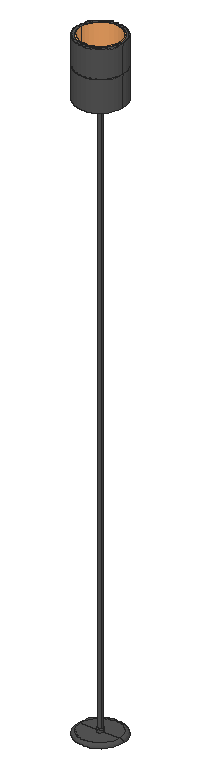
Revit family "MELO CYLINDER PENDANT LIGHT", category Lighting Fixtures, host Face, Revit 2020 (continued)
Types (16): name | Wattage_Input | Wattage Comments | Wattage | Voltage_Input | Size 08 | Size 06 | Size 04 | Selectable Wattage | Photometric Web File | Pendent Rod Length_1 | Pendent | Order number | built-in parameter 1150142 | Model | built-in parameter 1150105 | Lumens | built-in parameter 1150106 | Fixture Diameter | Canopy for Surface Mount J-box | Canopy for Recessed J-Box | Canopy Height | C2 H | C1 H | BEAMING ANGLE
    6.89 14727.57 \r\n 13309.36 11898.83 10513.77 9228.61  8048.70  6973.59  6014.36  5154.78  4404.65  3758.90  \r\n 3210.42  2751.18  2365.10  2029.02  1743.20  1494.48  1297.49  1100.89  948.11   816.32   \r\n 712.18   623.00   550.74   489.26   435.94   391.21   348.65   310.97   271.89   239.18   \r\n 212.70   187.86   162.83   140.87   118.95   100.40   84.78    71.57    59.40    50.53    \r\n 42.27    36.67    33.91    31.67    30.43    29.18    27.97    26.91    25.82    24.85    \r\n 24.02    23.03    22.00    20.96    19.91    18.85    17.81    16.79    15.81    14.83    \r\n 13.84    12.91    11.98    11.10    10.22    9.39     8.55     7.77     7.00     6.27     \r\n 5.57     4.88     4.23     3.58     2.97     2.37     1.71     1.12     0.50     0.16     \r\n 0.15     0.15     0.14     0.14     0.13     0.13     0.13     0.13     0.14     0.14     \r\n 0.15     0.15     0.15     0.15     0.15     0.15     0.15     0.15     0.15     0.15     \r\n 0.15     0.16     0.16     0.16     0.16     0.16     0.17     0.19     0.21     0.22     \r\n 0.22     0.23     0.24     0.26     0.29     0.31     0.35     0.36     0.39     0.46     \r\n 0.46     0.51     0.55     0.60     0.66     0.74     0.81     0.90     1.00     1.12     \r\n 1.25     1.41     1.59     1.79     2.03     2.31     2.64     3.00     3.43     3.91     \r\n 4.44     5.05     5.70     6.42     7.21     8.06     8.96     9.87     10.83    11.79    \r\n 12.81    13.79    14.79    15.73    16.62    17.46    18.22    18.92    19.54    20.07    \r\n 20.53    20.89    21.15    21.38    21.58    21.75    21.90    22.02    22.09    22.15    \r\n 22.51    \r\n22621.88 22557.76 22287.37 21766.60 21013.26 20089.21 18979.77 17793.54 16466.33 15130.86 \r\n 13695.49 12268.33 10840.82 9508.96  8279.01  7163.69  6178.47  5287.40  4501.46  3825.48  \r\n 3257.18  2775.91  2372.51  2028.13  1737.40  1492.75  1298.13  1104.02  951.30   823.99   \r\n 717.74   630.48   556.11   494.37   441.53   395.32   353.04   315.40   275.41   242.77   \r\n 216.27   191.32   166.19   144.10   122.04   103.30   87.49    73.89    61.25    52.01    \r\n 43.57    37.53    34.68    32.37    31.11    29.82    28.60    27.47    26.40    25.36    \r\n 24.51    23.50    22.45    21.39    20.35    19.29    18.25    17.20    16.17    15.17    \r\n 14.20    13.22    12.27    11.34    10.44    9.58     8.74     7.93     7.14     6.39     \r\n 5.66     4.95     4.29     3.64     3.01     2.37     1.73     1.11     0.57     0.17     \r\n 0.14     0.14     0.14     0.14     0.14     0.14     0.14     0.14     0.14     0.14     \r\n 0.14     0.14     0.14     0.14     0.14     0.15     0.15     0.15     0.15     0.15     \r\n 0.15     0.15     0.16     0.19     0.21     0.23     0.24     0.24     0.25     0.26     \r\n 0.27     0.27     0.28     0.29     0.29     0.35     0.37     0.37     0.42     0.44     \r\n 0.51     0.52     0.58     0.64     0.69     0.75     0.83     0.92     1.03     1.13     \r\n 1.26     1.42     1.59     1.79     2.01     2.30     2.61     2.97     3.37     3.83     \r\n 4.35     4.90     5.54     6.21     6.98     7.75     8.61     9.48     10.40    11.32    \r\n 12.25    13.22    14.16    15.08    15.96    16.80    17.59    18.32    18.98    19.58    \r\n 20.11    20.57    20.97    21.30    21.59    21.87    22.10    22.32    22.50    22.65    \r\n 22.51    \r\n22557.64 22512.71 22311.66 21835.25 21102.67 20206.51 19149.10 17976.87 16685.69 15336.87 \r\n 13927.58 12486.72 11038.80 9702.09  8450.64  7326.30  6330.49  5415.33  4632.61  3948.17  \r\n 3415.81  2884.38  2469.81  2114.96  1809.74  1550.96  1328.50  1137.57  978.83   846.12   \r\n 734.76   643.76   566.35   502.46   447.46   399.65   356.32   316.79   279.63   242.57   \r\n 215.18   190.63   165.06   142.75   122.34   103.94   87.93    74.54    62.33    52.38    \r\n 44.21    37.65    34.72    32.41    31.12    29.80    28.53    27.37    26.29    25.35    \r\n 24.46    23.43    22.37    21.33    20.28    19.24    18.20    17.18    16.18    15.19    \r\n 14.24    13.30    12.38    11.45    10.60    9.71     8.87     8.07     7.26     6.50     \r\n 5.76     5.05     4.37     3.73     3.09     2.45     1.80     1.16     0.60     0.51     \r\n 0.41     0.31     0.21     0.11     0.11     0.12     0.12     0.12     0.13     0.13     \r\n 0.14     0.14     0.14     0.14     0.15     0.15     0.15     0.16     0.17     0.17     \r\n 0.17     0.17     0.18     0.19     0.19     0.20     0.21     0.21     0.22     0.23     \r\n 0.25     0.27     0.28     0.30     0.32     0.34     0.37     0.39     0.42     0.46     \r\n 0.50     0.54     0.58     0.64     0.69     0.76     0.84     0.93     1.01     1.13     \r\n 1.26     1.41     1.58     1.78     2.00     2.27     2.57     2.92     3.31     3.75     \r\n 4.26     4.80     5.44     6.10     6.83     7.61     8.44     9.32     10.25    11.17    \r\n 12.11    13.04    13.99    14.91    15.80    16.61    17.40    18.14    18.81    19.43    \r\n 19.99    20.47    20.88    21.26    21.62    21.93    22.15    22.33    22.53    22.70    \r\n 22.51    \r\n22515.03 22451.58 22247.33 21745.55 20977.86 20089.70 19016.76 17855.80 16534.98 15214.58 \r\n 13785.95 12356.06 10913.97 9583.84  8356.72  7227.35  6241.99  5356.06  4580.02  3912.13  \r\n 3341.11  2862.15  2458.31  2110.18  1809.08  1550.25  1343.57  1137.44  975.67   841.53   \r\n 729.85   638.81   561.45   497.49   442.69   395.28   352.12   313.25   274.11   240.92   \r\n 214.01   188.91   163.98   142.01   120.09   101.71   86.05    72.60    60.21    51.04    \r\n 42.61    36.69    34.05    32.00    30.81    29.54    28.31    27.19    26.08    25.11    \r\n 24.26    23.25    22.21    21.15    20.11    19.06    18.04    17.02    16.01    15.05    \r\n 14.09    13.14    12.21    11.31    10.43    9.60     8.80     7.98     7.22     6.49     \r\n 5.76     5.06     4.40     3.74     3.11     2.49     1.87     1.27     0.68     0.19     \r\n 0.14     0.14     0.14     0.14     0.14     0.14     0.14     0.14     0.14     0.14     \r\n 0.14     0.14     0.15     0.15     0.15     0.15     0.15     0.15     0.15     0.15     \r\n 0.15     0.15     0.15     0.15     0.16     0.18     0.20     0.21     0.22     0.22     \r\n 0.23     0.24     0.26     0.28     0.29     0.31     0.37     0.37     0.40     0.44     \r\n 0.47     0.51     0.57     0.61     0.69     0.74     0.82     0.90     1.02     1.12     \r\n 1.26     1.42     1.59     1.79     2.01     2.30     2.61     2.97     3.37     3.83     \r\n 4.34     4.90     5.53     6.21     6.93     7.72     8.55     9.41     10.32    11.24    \r\n 12.17    13.13    14.09    15.01    15.88    16.70    17.46    18.15    18.79    19.36    \r\n 19.89    20.35    20.77    21.13    21.48    21.80    22.08    22.31    22.50    22.68    \r\n 22.51    \r\n22472.71 22417.62 22237.38 21776.52 21049.34 20177.89 19151.12 17992.29 16726.04 15385.73 \r\n 13981.65 12545.11 11107.49 9766.57  8517.41  7385.59  6394.04  5482.19  4702.26  4014.73  \r\n 3446.26  2997.50  2549.51  2194.25  1882.68  1614.96  1380.77  1179.86  1011.55  870.61   \r\n 752.96   657.69   577.30   511.10   454.82   406.03   361.52   321.26   283.36   245.55   \r\n 217.83   193.13   167.97   145.15   123.82   104.64   88.02    74.13    61.40    51.43    \r\n 43.24    36.81    34.09    32.05    30.77    29.52    28.31    27.16    26.15    25.19    \r\n 24.25    23.22    22.18    21.13    20.08    19.04    18.02    17.00    16.00    15.05    \r\n 14.09    13.17    12.25    11.35    10.51    9.65     8.84     8.05     7.28     6.54     \r\n 5.83     5.12     4.43     3.79     3.15     2.52     1.93     1.33     0.74     0.20     \r\n 0.18     0.17     0.15     0.14     0.13     0.11     0.11     0.12     0.12     0.13     \r\n 0.13     0.14     0.14     0.14     0.14     0.15     0.15     0.15     0.16     0.17     \r\n 0.17     0.17     0.18     0.18     0.19     0.19     0.21     0.21     0.23     0.23     \r\n 0.25     0.27     0.28     0.30     0.32     0.34     0.36     0.40     0.43     0.45     \r\n 0.50     0.54     0.58     0.64     0.70     0.77     0.84     0.93     1.03     1.15     \r\n 1.30     1.44     1.60     1.79     2.02     2.29     2.58     2.94     3.32     3.76     \r\n 4.26     4.80     5.42     6.07     6.78     7.56     8.39     9.24     10.14    11.07    \r\n 12.01    12.94    13.87    14.79    15.69    16.57    17.40    18.17    18.84    19.44    \r\n 19.98    20.46    20.86    21.25    21.61    21.91    22.17    22.42    22.64    22.82    \r\n 22.51    \r\n22445.58 22359.41 22130.52 21628.95 20905.36 20035.44 18972.56 17815.46 16519.52 15198.48 \r\n 13774.52 12345.62 10924.17 9592.86  8372.29  7238.76  6255.70  5380.11  4600.45  3934.85  \r\n 3375.10  2900.49  2498.58  2148.59  1844.66  1582.98  1370.06  1157.65  992.14   853.37   \r\n 740.42   647.08   568.11   503.11   447.79   399.15   354.20   314.85   275.86   241.86   \r\n 214.38   189.17   163.88   141.50   119.16   100.32   84.37    70.84    58.67    49.66    \r\n 41.92    36.45    34.01    32.05    30.89    29.65    28.31    27.04    26.03    25.08    \r\n 24.15    23.11    22.08    21.02    19.99    18.94    17.91    16.90    15.91    14.93    \r\n 13.98    13.03    12.11    11.21    10.36    9.52     8.71     7.92     7.16     6.44     \r\n 5.73     5.02     4.35     3.70     3.07     2.44     1.83     1.25     0.68     0.19     \r\n 0.18     0.18     0.18     0.17     0.17     0.17     0.16     0.16     0.15     0.15     \r\n 0.15     0.14     0.14     0.14     0.15     0.15     0.15     0.15     0.15     0.15     \r\n 0.15     0.15     0.16     0.16     0.17     0.19     0.21     0.21     0.21     0.22     \r\n 0.23     0.24     0.27     0.30     0.30     0.33     0.38     0.38     0.39     0.44     \r\n 0.47     0.51     0.57     0.62     0.68     0.75     0.83     0.92     1.04     1.14     \r\n 1.27     1.43     1.60     1.80     2.03     2.31     2.62     2.97     3.37     3.82     \r\n 4.33     4.88     5.51     6.19     6.91     7.68     8.52     9.39     10.30    11.22    \r\n 12.15    13.09    14.04    14.96    15.85    16.69    17.48    18.24    18.93    19.53    \r\n 20.07    20.53    20.93    21.29    21.63    21.92    22.19    22.46    22.69    22.84    \r\n 22.51    \r\n22409.54 22337.63 22115.52 21649.72 20947.64 20098.70 19067.54 17892.67 16618.02 15284.18 \r\n 13864.56 12425.39 11012.75 9678.95  8436.88  7311.13  6314.91  5406.35  4626.49  3946.05  \r\n 3383.91  2902.37  2497.50  2147.49  1841.14  1580.55  1350.28  1154.35  989.97   853.46   \r\n 739.90   647.35   568.40   503.53   448.07   398.87   354.41   314.58   277.59   240.69   \r\n 212.99   188.37   162.60   139.98   118.95   100.15   84.04    70.76    59.00    49.56    \r\n 42.39    36.62    33.97    31.92    30.69    29.44    28.21    27.10    26.07    25.03    \r\n 24.18    23.19    22.13    21.10    20.05    19.02    17.98    16.95    15.97    15.01    \r\n 14.05    13.12    12.21    11.31    10.48    9.62     8.81     8.03     7.26     6.53     \r\n 5.81     5.11     4.42     3.77     3.12     2.48     1.88     1.28     0.71     0.59     \r\n 0.47     0.35     0.23     0.11     0.11     0.11     0.11     0.12     0.12     0.13     \r\n 0.12     0.13     0.13     0.14     0.14     0.15     0.15     0.15     0.15     0.16     \r\n 0.17     0.17     0.18     0.19     0.19     0.21     0.21     0.22     0.22     0.23     \r\n 0.25     0.26     0.28     0.29     0.32     0.34     0.36     0.40     0.42     0.44     \r\n 0.49     0.53     0.58     0.63     0.70     0.76     0.84     0.93     1.03     1.15     \r\n 1.28     1.43     1.60     1.79     2.02     2.28     2.58     2.92     3.31     3.75     \r\n 4.23     4.77     5.39     6.05     6.77     7.54     8.37     9.23     10.15    11.09    \r\n 12.04    12.99    13.92    14.85    15.75    16.62    17.42    18.19    18.87    19.49    \r\n 20.05    20.52    20.92    21.26    21.56    21.82    22.08    22.32    22.52    22.64    \r\n 22.51    \r\n22388.27 22283.77 22039.67 21537.94 20792.78 19912.80 18847.92 17684.25 16374.17 15050.62 \r\n 13621.48 12193.93 10763.59 9453.75  8239.04  7119.65  6133.92  5249.40  4475.25  3812.53  \r\n 3253.28  2781.02  2384.76  2043.74  1750.70  1500.39  1300.51  1101.15  945.57   816.80   \r\n 711.14   623.53   549.16   487.62   434.18   386.37   342.81   305.10   267.50   235.45   \r\n 208.45   183.60   158.17   136.02   113.92   95.78    80.72    68.11    56.84    48.46    \r\n 41.33    36.24    33.88    32.00    30.87    29.60    28.33    27.07    26.03    25.07    \r\n 24.14    23.17    22.13    21.08    20.04    18.99    17.98    16.95    15.96    14.98    \r\n 14.02    13.08    12.15    11.25    10.38    9.54     8.73     7.95     7.18     6.46     \r\n 5.74     5.03     4.37     3.69     3.05     2.42     1.80     1.22     0.65     0.17     \r\n 0.13     0.13     0.13     0.13     0.13     0.13     0.13     0.13     0.13     0.13     \r\n 0.13     0.13     0.14     0.14     0.14     0.14     0.14     0.14     0.15     0.15     \r\n 0.15     0.15     0.16     0.16     0.16     0.18     0.20     0.20     0.22     0.22     \r\n 0.22     0.24     0.25     0.28     0.29     0.31     0.36     0.37     0.39     0.43     \r\n 0.47     0.52     0.56     0.61     0.67     0.74     0.82     0.91     1.04     1.13     \r\n 1.26     1.42     1.59     1.79     2.01     2.30     2.60     2.95     3.36     3.79     \r\n 4.32     4.88     5.47     6.18     6.86     7.68     8.48     9.36     10.25    11.19    \r\n 12.12    13.09    14.05    14.95    15.83    16.66    17.45    18.18    18.86    19.42    \r\n 19.95    20.38    20.74    21.04    21.30    21.58    21.87    22.09    22.32    22.48    \r\n 22.51    \r\n" | "MELO06R-SP30801-10D-24-GD-BK" | 4200 (stored number, unit not read) | 4200 lm | 42 (stored number, unit not read) | 0' - 5 205/256" | no | yes | 0' - 0 1/2" | 0' - 2 109/128" | 0' - 3 13/256" | 24.00°
